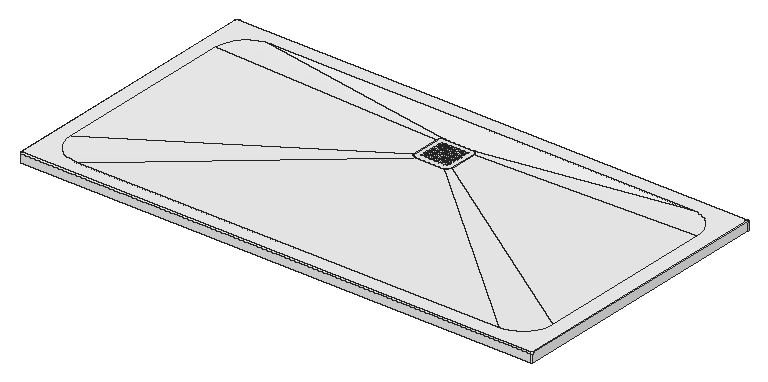
Revit family "IS_UltraFlatS_K8285_BIM_DE", category Plumbing Fixtures, host Face, Revit 2016
Family settings
  Host = Face
  Part Type = Normal
  Round Connector Dimension = Use Diameter
  OmniClass Number = 23.45.05.14.21.11
  OmniClass Title = Bath/Shower Units
  Cut with Voids When Loaded = No
  Shared = No
  Room Calculation Point = No
Parameters (values of type "K8285FR - ULTRAFLAT S PD 170X90 BIANCO")
  WarrantyStartDate = "n/a"
  WarrantyGuarantorParts = "n/a"
  WarrantyGuarantorLabor = "n/a"
  WarrantyDurationUnit = "n/a"
  WarrantyDurationParts = "n/a"
  WarrantyDurationLabor = "n/a"
  WarrantyDescription = "n/a"
  WFU = 0
  VolumeUnits = "Litres"
  Version = "1"
  Uniclass2015Version = "Products v1.1"
  Uniclass2015Title = "Shower trays"
  Uniclass2015Code = "Pr_40_20_06_84"
  URL = "www.idealstandard.de"
  Type Comments = "n/a"
  TagNumber = "n/a"
  SustainabilityPerformance = "n/a"
  Space = "Internal"
  Size = "1700 x 900 x 30 mm"
  Shape = "Rectangular"
  SerialNumber = "n/a"
  ReplacementCost = "n/a"
  ProductInformation = "www.idealstandard.de"
  PredefinedType = "n/a"
  Phone = "+49228 5210"
  NominalWidth = 1700 mm
  NominalLength = 900 mm
  NominalHeight = 30 mm
  NominalDepth = 0 mm
  Name = "ISI_IdealStandard_Showers_Ultra Flat S_K8285FR"
  ModelReference = "IS Rechteck-BRW ULTRA FLAT S,Abl.mittig, 1700x900x30mm, Carraraweiß"
  ModelNumber = "K8285FR"
  Model = "K8285FR"
  Material = "Sanitary Brass"
  ManufacturerURL = "www.idealstandard.de"
  Manufacturer = "idealstandard.de@idealstandard.com"
  MainMaterial = IS_RenderMaterial_White
  LinearUnits = "millimeters"
  Keynote = ""
  InstallationInstructions = "www.idealstandard.de\\produkte"
  InstallationDate = "1900-12-31T23:59:59"
  Help = "idealstandard.de@idealstandard.com"
  HWFU = 0
  GrossWeight = "54,9 kg"
  Grade = "n/a"
  Finish = "Pure White"
  Features = "ULTRA FLAT S rectangular shower tray 1700x900mm"
  ExpectedLife = "25"
  DurationUnit = "year"
  DistributedBy = "n/a"
  Description = "Ultraflat S Pd 170 x 90 Bianco"
  Default Elevation = 0 mm
  CurrencyUnit = "€"
  CreatedOn = "42774"
  Cost = 0
  Constituents = "n/a"
  ConnectionType = "Plumbing"
  Color = "Pure White"
  CodePerformance = "0"
  CWFU = 0
  Brand = "Ideal Standard"
  BarCode = "4015413067799"
  BIMObjectName = "ISI_IdealStandard_Showers_Ultra Flat S_K8285FR"
  Author = "Ideal Standard"
  AssetType = "Fixed"
  AssetIdentifier = "n/a"
  Assembly Code = "C1030200"
  AreaUnits = "millimeters"
  AreaMeasurement = "n/a"
  Accessories = "www.idealstandard.de\\ersatzteile"
  AccessibilityPerformance = "n/a"
Types (5, lengths in mm): name | Name | ModelReference | ModelNumber | Model | MainMaterial | Finish | Description | Color | BarCode | BIMObjectName
  K8285FR - ULTRAFLAT S PD 170X90 BIANCO | "ISI_IdealStandard_Showers_Ultra Flat S_K8285FR" | "IS Rechteck-BRW ULTRA FLAT S,Abl.mittig, 1700x900x30mm, Carraraweiß" | "K8285FR" | "K8285FR" | IS_RenderMaterial_White | "Pure White" | "Ultraflat S Pd 170 x 90 Bianco" | "Pure White" | "4015413067799" | "ISI_IdealStandard_Showers_Ultra Flat S_K8285FR"
  K8285FS - ULTRAFLAT S PD 170X90 GRIGIO CEMENTO | "ISI_IdealStandard_Showers_Ultra Flat S_K8285FS" | "IS Rechteck-BRW ULTRA FLAT S,Abl.mittig, 1700x900x30mm, Quarzgrau" | "K8285FS" | "K8285FS" | IS_RenderMaterial_Grey | "Concrete Grey" | "Ultraflat S Pd 170 x 90 Grigio Cemento" | "Concrete Grey" | "4015413070751" | "ISI_IdealStandard_Showers_Ultra Flat S_K8285FS"
  K8285FT - ULTRAFLAT S PD 170X90 SABBIA | "ISI_IdealStandard_Showers_Ultra Flat S_K8285FT" | "IS Rechteck-BRW ULTRA FLAT S,Abl.mittig, 1700x900x30mm, Sandstein" | "K8285FT" | "K8285FT" | IS_RenderMaterial_Sand | "Beach Sand" | "Ultraflat S Pd 170 x 90 Sabbia" | "Beach Sand" | "4015413071208" | "ISI_IdealStandard_Showers_Ultra Flat S_K8285FT"
  K8285FV - ULTRAFLAT S PD 170X90 NERO | "ISI_IdealStandard_Showers_Ultra Flat S_K8285FV" | "IS Rechteck-BRW ULTRA FLAT S,Abl.mittig, 1700x900x30mm, Schiefer" | "K8285FV" | "K8285FV" | IS_RenderMaterial_Black | "Jet Black" | "Ultraflat S Pd 170 x 90 Nero" | "Jet Black" | "4015413071918" | "ISI_IdealStandard_Showers_Ultra Flat S_K8285FV"
  K8285FU - ULTRAFLAT S PD 170X90 MOKA | "ISI_IdealStandard_Showers_Ultra Flat S_K8285FU" | "IS Rechteck-BRW ULTRA FLAT S,Abl.mittig, 1700x900x30mm, Lavabraun" | "K8285FU" | "K8285FU" | IS_RenderMaterial_Moka | "Deep Moka" | "Ultraflat S Pd 170 x 90 Moka" | "Deep Moka" | "4015413071550" | "ISI_IdealStandard_Showers_Ultra Flat S_K8285FU"
Reference planes
  plane 1 "Center (Front/Back)": y = 0
  plane 2: z = 0
  plane 3 "Center (Left/Right)": x = 0
  plane 4: x = -850
  plane 5: x = 850
  plane 6: y = -900
  plane 7: z = 30
Forms (mm)
  Extrusion 1, solid, material "IS_RenderMaterial_White" <- "MainMaterial"
    sketch origin (0, 0, 0) x (1, 0, 0) y (0, 1, 0)
      loop
        arc (-845, 0) -> (-848.536, -1.464) -> (-850, -5) r 5
        line (-850, -5) -> (-850, -895)
        arc (-850, -895) -> (-848.536, -898.536) -> (-845, -900) r 5
        line (-845, -900) -> (845, -900)
        arc (845, -900) -> (848.536, -898.536) -> (850, -895) r 5
        line (850, -895) -> (850, -5)
        arc (850, -5) -> (848.536, -1.464) -> (845, 0) r 5
        line (845, 0) -> (-845, 0)
    from 0 to 30
  Blend 2, void
    base sketch origin (0, 39.744, 30) x (-1, 0, 0) y (0, -1, 0)
      loop
        arc (700, 89.744) -> (770.711, 119.033) -> (800, 189.744) r 100
        line (800, 189.744) -> (800, 789.744)
        arc (800, 789.744) -> (770.711, 860.454) -> (700, 889.744) r 100
        line (700, 889.744) -> (-700, 889.744)
        arc (-700, 889.744) -> (-770.711, 860.454) -> (-800, 789.744) r 100
        line (-800, 789.744) -> (-800, 189.744)
        arc (-800, 189.744) -> (-770.711, 119.033) -> (-700, 89.744) r 100
        line (-700, 89.744) -> (700, 89.744)
    top sketch origin (0, 39.744, 30) x (-1, 0, 0) y (0, -1, 0)
      loop
        arc (47.5, 177.244) -> (58.107, 181.637) -> (62.5, 192.244) r 15
        line (62.5, 192.244) -> (62.5, 287.244)
        arc (62.5, 287.244) -> (58.107, 297.85) -> (47.5, 302.244) r 15
        line (47.5, 302.244) -> (-47.5, 302.244)
        arc (-47.5, 302.244) -> (-58.107, 297.85) -> (-62.5, 287.244) r 15
        line (-62.5, 287.244) -> (-62.5, 192.244)
        arc (-62.5, 192.244) -> (-58.107, 181.637) -> (-47.5, 177.244) r 15
        line (-47.5, 177.244) -> (47.5, 177.244)
    from 0 to -15
  Revolve 3, void
    sketch origin (-65.411, -200, 1219.2) x (-1, 0, 0) y (0, 0, 1)
      loop
        line (-65.411, -1219.2) -> (-20.411, -1219.2) -> (-20.411, -1214.2) -> (-13.411, -1207.2) -> (-65.411, -1207.2) -> (-65.411, -1219.2)
      axis (-65.411, -1219.2) -> (-65.411, -1207.2)
    angle from 0 to 360
  Extrusion 4, void
    sketch origin (0, -134.515, 12) x (-1, 0, 0) y (0, 1, 0)
      loop
        arc (-47.5, -2.985) -> (-58.107, -7.379) -> (-62.5, -17.985) r 15
        line (-62.5, -17.985) -> (-62.5, -112.985)
        arc (-62.5, -112.985) -> (-58.107, -123.592) -> (-47.5, -127.985) r 15
        line (-47.5, -127.985) -> (47.5, -127.985)
        arc (47.5, -127.985) -> (58.107, -123.592) -> (62.5, -112.985) r 15
        line (62.5, -112.985) -> (62.5, -17.985)
        arc (62.5, -17.985) -> (58.107, -7.379) -> (47.5, -2.985) r 15
        line (47.5, -2.985) -> (-47.5, -2.985)
    from 0 to -3
  Extrusion 5, solid, material "Chrome - Polished"
    sketch origin (0, -134.515, 12) x (0, 1, 0) y (-1, 0, 0)
      loop
        arc (-4.985, 46.539) -> (-9.074, 56.411) -> (-18.946, 60.5) r 13.961
        line (-18.946, 60.5) -> (-111.985, 60.5)
        arc (-111.985, 60.5) -> (-121.885, 56.399) -> (-125.985, 46.5) r 14
        line (-125.985, 46.5) -> (-125.985, -46.5)
        arc (-125.985, -46.5) -> (-121.885, -56.399) -> (-111.985, -60.5) r 14
        line (-111.985, -60.5) -> (-18.985, -60.5)
        arc (-18.985, -60.5) -> (-9.086, -56.399) -> (-4.985, -46.5) r 14
        line (-4.985, -46.5) -> (-4.985, 46.539)
      loop
        line (-64.007, 45) -> (-64.007, 32) -> (-52.007, 32) -> (-52.007, 45) -> (-64.007, 45)
      loop
        line (-49.007, 45) -> (-49.007, 32) -> (-37.007, 32) -> (-37.007, 45) -> (-49.007, 45)
      loop
        line (-34.007, 45) -> (-34.007, 32) -> (-22.007, 32) -> (-22.007, 45) -> (-34.007, 45)
      loop
        line (-34.007, 29) -> (-34.007, 16) -> (-22.007, 16) -> (-22.007, 29) -> (-34.007, 29)
      loop
        line (-34.007, 13) -> (-34.007, 1.526) -> (-22.007, 1.526) -> (-22.007, 13) -> (-34.007, 13)
      loop
        line (-37.007, 29) -> (-49.007, 29) -> (-49.007, 16) -> (-37.007, 16) -> (-37.007, 29)
      loop
        line (-37.007, 13) -> (-49.007, 13) -> (-49.007, 1.526) -> (-37.007, 1.526) -> (-37.007, 13)
      loop
        line (-52.007, 29) -> (-64.007, 29) -> (-64.007, 16) -> (-52.007, 16) -> (-52.007, 29)
      loop
        line (-52.007, 13) -> (-64.007, 13) -> (-64.007, 1.526) -> (-52.007, 1.526) -> (-52.007, 13)
      loop
        line (-64.007, -45) -> (-52.007, -45) -> (-52.007, -32) -> (-64.007, -32) -> (-64.007, -45)
      loop
        line (-49.007, -45) -> (-37.007, -45) -> (-37.007, -32) -> (-49.007, -32) -> (-49.007, -45)
      loop
        line (-34.007, -45) -> (-22.007, -45) -> (-22.007, -32) -> (-34.007, -32) -> (-34.007, -45)
      loop
        line (-34.007, -29) -> (-22.007, -29) -> (-22.007, -16) -> (-34.007, -16) -> (-34.007, -29)
      loop
        line (-34.007, -13) -> (-22.007, -13) -> (-22.007, -1.526) -> (-34.007, -1.526) -> (-34.007, -13)
      loop
        line (-37.007, -29) -> (-37.007, -16) -> (-49.007, -16) -> (-49.007, -29) -> (-37.007, -29)
      loop
        line (-37.007, -13) -> (-37.007, -1.526) -> (-49.007, -1.526) -> (-49.007, -13) -> (-37.007, -13)
      loop
        line (-52.007, -29) -> (-52.007, -16) -> (-64.007, -16) -> (-64.007, -29) -> (-52.007, -29)
      loop
        line (-52.007, -13) -> (-52.007, -1.526) -> (-64.007, -1.526) -> (-64.007, -13) -> (-52.007, -13)
      loop
        line (-66.963, 45) -> (-78.963, 45) -> (-78.963, 32) -> (-66.963, 32) -> (-66.963, 45)
      loop
        line (-81.963, 45) -> (-93.963, 45) -> (-93.963, 32) -> (-81.963, 32) -> (-81.963, 45)
      loop
        line (-96.963, 45) -> (-108.963, 45) -> (-108.963, 32) -> (-96.963, 32) -> (-96.963, 45)
      loop
        line (-96.963, 29) -> (-108.963, 29) -> (-108.963, 16) -> (-96.963, 16) -> (-96.963, 29)
      loop
        line (-96.963, 13) -> (-108.963, 13) -> (-108.963, 1.526) -> (-96.963, 1.526) -> (-96.963, 13)
      loop
        line (-93.963, 29) -> (-93.963, 16) -> (-81.963, 16) -> (-81.963, 29) -> (-93.963, 29)
      loop
        line (-93.963, 13) -> (-93.963, 1.526) -> (-81.963, 1.526) -> (-81.963, 13) -> (-93.963, 13)
      loop
        line (-78.963, 29) -> (-78.963, 16) -> (-66.963, 16) -> (-66.963, 29) -> (-78.963, 29)
      loop
        line (-78.963, 13) -> (-78.963, 1.526) -> (-66.963, 1.526) -> (-66.963, 13) -> (-78.963, 13)
      loop
        line (-66.963, -45) -> (-66.963, -32) -> (-78.963, -32) -> (-78.963, -45) -> (-66.963, -45)
      loop
        line (-81.963, -45) -> (-81.963, -32) -> (-93.963, -32) -> (-93.963, -45) -> (-81.963, -45)
      loop
        line (-96.963, -45) -> (-96.963, -32) -> (-108.963, -32) -> (-108.963, -45) -> (-96.963, -45)
      loop
        line (-96.963, -29) -> (-96.963, -16) -> (-108.963, -16) -> (-108.963, -29) -> (-96.963, -29)
      loop
        line (-96.963, -13) -> (-96.963, -1.526) -> (-108.963, -1.526) -> (-108.963, -13) -> (-96.963, -13)
      loop
        line (-93.963, -29) -> (-81.963, -29) -> (-81.963, -16) -> (-93.963, -16) -> (-93.963, -29)
      loop
        line (-93.963, -13) -> (-81.963, -13) -> (-81.963, -1.526) -> (-93.963, -1.526) -> (-93.963, -13)
      loop
        line (-78.963, -29) -> (-66.963, -29) -> (-66.963, -16) -> (-78.963, -16) -> (-78.963, -29)
      loop
        line (-78.963, -13) -> (-66.963, -13) -> (-66.963, -1.526) -> (-78.963, -1.526) -> (-78.963, -13)
    from 0 to 3
  Sweep 6, void
    path in 3D
      loop
        arc (845, -900, 30) -> (848.536, -898.536, 30) -> (850, -895, 30) r 5
        line (850, -895, 30) -> (850, -5, 30)
        arc (850, -5, 30) -> (848.536, -1.464, 30) -> (845, 0, 30) r 5
        line (845, 0, 30) -> (-845, 0, 30)
        arc (-845, 0, 30) -> (-848.536, -1.464, 30) -> (-850, -5, 30) r 5
        line (-850, -5, 30) -> (-850, -895, 30)
        arc (-850, -895, 30) -> (-848.536, -898.536, 30) -> (-845, -900, 30) r 5
        line (-845, -900, 30) -> (845, -900, 30)
    profile origin (0, -900, 30) x (0, 1, 0) y (0, 0, 1)
      loop
        line (0, 0) -> (0, -3)
        arc (0, -3) -> (0.879, -0.879) -> (3, 0) r 3
        line (3, 0) -> (0, 0)
Cuts and joins
  Blend 2, Revolve 3, Extrusion 4, Sweep 6 cuts Extrusion 1
  Blend 2 cuts Extrusion 5
Lines and regions (mm)
  sketch lines
    curve 1: line (-845, -900, 30) -> (845, -900, 30)
    curve 2: arc (850, -895, 30) -> (848.536, -898.536, 30) -> (845, -900, 30) r 5
    curve 3: line (850, -895, 30) -> (850, -5, 30)
    curve 4: arc (845, 0, 30) -> (848.536, -1.464, 30) -> (850, -5, 30) r 5
    curve 5: line (845, 0, 30) -> (-845, 0, 30)
    curve 6: arc (-845, -900, 30) -> (-848.536, -898.536, 30) -> (-850, -895, 30) r 5
    curve 7: line (-850, -5, 30) -> (-850, -895, 30)
    curve 8: arc (-850, -5, 30) -> (-848.536, -1.464, 30) -> (-845, 0, 30) r 5
Dimensions and locks
  "NominalWidth": plane 4 to plane 5
  "NominalLength": plane 6 to plane 1 "Center (Front/Back)"
  "NominalHeight": level to plane 7
  aligned and locked: plane 2 to host face
  aligned and locked: level to host face
  aligned and locked: plane 6 to cut or joined group of Extrusion 1, Blend 2, Revolve 3, Extrusion 4, Sweep 6
Automatic sketch dimensions
  host sketch curve to host sketch curve = 2438.4 mm
  host sketch curve to host sketch curve = 1559.2 mm
  Extrusion 1 sketch curve to plane 4 = 0 mm
  plane 6 to Extrusion 1 sketch curve = 0 mm
  plane 1 "Center (Front/Back)" to Extrusion 1 sketch curve = 0 mm
  Extrusion 1 sketch curve to plane 5 = 0 mm
  Extrusion 1 sketch curve to plane 4 = 5 mm
  Extrusion 1 sketch curve to Extrusion 1 sketch curve = 5 mm
  plane 5 to Extrusion 1 sketch curve = 5 mm  (x2)
  plane 5 to Blend 2 sketch curve = 50 mm
  Blend 2 sketch curve to plane 6 = 50 mm
  Blend 2 sketch curve to Blend 2 sketch curve = 100 mm  (x2)
  plane 1 "Center (Front/Back)" to Blend 2 sketch curve = 50 mm
  Blend 2 sketch curve to plane 4 = 150 mm  (x2)
  Blend 2 sketch curve to plane 4 = 50 mm
  plane 3 "Center (Left/Right)" to Blend 2 sketch curve = 62.5 mm
  Blend 2 sketch curve to Blend 2 sketch curve = 15 mm  (x3)
  Blend 2 sketch curve to plane 3 "Center (Left/Right)" = 47.5 mm  (x2)
  plane 1 "Center (Front/Back)" to Blend 2 sketch curve = 137.5 mm
  Blend 2 sketch curve to Blend 2 sketch curve = 95 mm
  Revolve 3 sketch curve to level = 0 mm
  Revolve 3 sketch curve to plane 3 "Center (Left/Right)" = 0 mm  (x2)
  level to Revolve 3 sketch curve = 5 mm
  Revolve 3 sketch curve to plane 3 "Center (Left/Right)" = 45 mm
  Revolve 3 sketch curve to Revolve 3 sketch curve = 7 mm
  Revolve 3 sketch curve to Revolve 3 sketch curve = 12 mm
  Revolve 3 sketch curve to level = 10 mm
  plane 7 to Revolve 3 sketch curve = 7.813 mm
  plane 3 "Center (Left/Right)" to Extrusion 4 sketch curve = 62.5 mm
  Extrusion 4 sketch curve to Extrusion 4 sketch curve = 15 mm  (x3)
  Extrusion 4 sketch curve to plane 3 "Center (Left/Right)" = 47.5 mm  (x2)
  plane 1 "Center (Front/Back)" to Extrusion 4 sketch curve = 137.5 mm
  Extrusion 4 sketch curve to Extrusion 4 sketch curve = 95 mm
  plane 3 "Center (Left/Right)" to Extrusion 5 sketch curve = 46.5 mm
  plane 1 "Center (Front/Back)" to Extrusion 5 sketch curve = 260.5 mm
  Extrusion 5 sketch curve to Extrusion 5 sketch curve = 14 mm  (x3)
  Extrusion 5 sketch curve to Extrusion 5 sketch curve = 3.022 mm  (x3)
  Extrusion 5 sketch curve to Extrusion 5 sketch curve = 0 mm  (x57)
  plane 3 "Center (Left/Right)" to Extrusion 5 sketch curve = 1.526 mm  (x6)
  Extrusion 5 sketch curve to Extrusion 5 sketch curve = 12 mm  (x18)
  Extrusion 5 sketch curve to Extrusion 5 sketch curve = 3 mm  (x36)
  Extrusion 5 sketch curve to Extrusion 5 sketch curve = 2.956 mm  (x6)
  Extrusion 5 sketch curve to Extrusion 5 sketch curve = 3.061 mm
  Extrusion 5 sketch curve to Extrusion 5 sketch curve = 1.5 mm  (x3)
  Extrusion 5 sketch curve to Extrusion 5 sketch curve = 13 mm  (x9)
  Extrusion 5 sketch curve to plane 3 "Center (Left/Right)" = 1.526 mm  (x6)
  Extrusion 5 sketch curve to Extrusion 5 sketch curve = 11.474 mm  (x2)
  Sweep 6 sketch curve to profile plane = 0 mm  (x2)
  Sweep 6 sketch curve to profile plane = 3 mm
Connectors
  piping at (0, -200, 0), diameter 90
    settings: on cut or joined group of Extrusion 1, Blend 2, Revolve 3, Extrusion 4, Sweep 6, index 1, connector inside diameter 609.6 mm, connector length 0 mm, flow factor 0, pipe flow 0.0 L/s, pressure drop 0.0 Pa, fitting loss kfactor 0, connector angle 0.00°, fixture units 0, engagement length 0 mm, angle of deflection 0.00°, flow configuration 2, flow direction 2, fitting loss method 0, system type 16, joint type 0, gender type 0, connector reference index -1, connector utility 0, adjustable connector no, is connector primary yes, connector description ""
